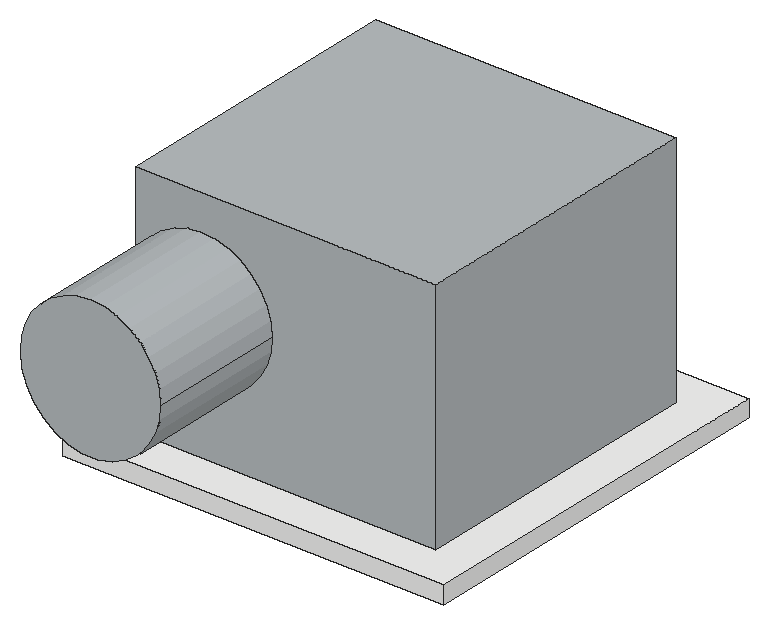
Revit family "vd-10_20z(b)(p)14_60Hz", category 機械設備, Revit 2019
Family settings
  丸型コネクタ寸法 = 直径を使用
  パーツ タイプ = 標準
  OmniClass 番号 = 23.75.35.17.27
  OmniClass タイトル = Centrifugal Fans
  作業面ベース = いいえ
  常に垂直 = はい
  ロード時にボイドで切り取り = いいえ
  共有 = いいえ
  部屋計算ポイント = はい
Parameters (values of type "VD-20ZB14")
  騒音レベル(dB(A)) [instance] = 35.5
  風量 [instance] = 400.0 m³/h
  電源種別 [instance] = ""
  電圧 = 100 V
  電動機出力 = 0 W
  電動機_種別 [instance] = ""
  運転質量 = 0.00 kg
  連動 [instance] = ""
  質量 = if(製品質量 > 運転質量, 製品質量, 運転質量) * 1.2  # 6.24 kg
  負荷分類 = 3_ファン類
  説明 = "ダクト用換気扇 低騒音形"
  設計風量 [instance] = 0.0 m³/h
  設置方法 = "天埋"
  記号 [instance] = ""
  製造元 = "三菱電機株式会社"
  製品質量 = 5.20 kg
  製品出荷対象 = "国内"
  製品リリース年月 = "2024年6月3日"
  製品グループ = ""
  系統 [instance] = ""
  符号 [instance] = if(☑給気／□排気, "FS", "FE")  # "FE"
  積算_科目 = "2 換気設備"
  積算_拾い区分 [instance] = ""
  相 = 1
  盤記号 [instance] = ""
  発停方法 [instance] = ""
  特殊仕様 [instance] = ""
  火災停止 [instance] = ""
  消費電力 = 49 W
  法定耐用年数 = "15"
  機外静圧 [instance] = 0.0 Pa
  極数 = 2
  材質 [instance] = ""
  操作・制御方式 = ""
  操作・制御スイッチ = ""
  排気量 [instance] = if(☑給気／□排気, 0.0 m³/h, 設計風量)  # 0.0 m³/h
  形式 = "天井埋込ダクト形"
  幹線記号 [instance] = ""
  対象室 [instance] = ""
  実風量 [instance] = 0.0 m³/h
  始動方式 [instance] = "直入"
  外気量 [instance] = if(☑給気／□排気, 設計風量, 0.0 m³/h)  # 0.0 m³/h
  呼称 = "天井扇"
  周波数 = 60 Hz
  参照している仕様書等のバージョン = ""
  分類コード = "50052503100030"
  分類グループ = ""
  価格 = 57900
  企業コード = "108420"
  付属品_防振装置 = ""
  付属品 [instance] = ""
  仕様書バージョン = "Version1.0"
  モデル = "VD-20ZB14"
  マテリアル = 鋼板
  ファンの種類 = ""
  ダクト径 = 150 mm
  コメント [instance] = ""
  Keynote = ""
  カバーマテリアル = 合成樹脂(白)
  ☑給気／□排気 [instance] = no
  Width = 307 mm
  W1 = 390 mm
  Version = ""
  Uniclass2015Version = "Systems v1.9"
  Uniclass2015Title = "Centrifugal fans"
  Uniclass2015Code = "Pr_65_67_29_12"
  URL = "https://www.mitsubishielectric.co.jp/ldg/wink/qr/002/333512/"
  SpecificationReference = ""
  SpecificationDescription = ""
  Revision = ""
  ProductInformation = ""
  OmniClassCode = "23-33 31 19 11 15"
  OAサイズ_D = 0 mm
  MIN風量 = 0.0 m³/h
  MIN静圧 = 0.0 Pa
  MID風量 = 0.0 m³/h
  MID静圧 = 0.0 Pa
  MAX風量 = 400.0 m³/h
  MAX静圧 = 0.0 Pa
  IfcTypeProduct = ""
  IfcProduct = ""
  IfcExportType = "PROPELLORAXIAL"
  IfcExportAs = "IfcFanType"
  Height = 243 mm
  H1 = 18 mm
  EAサイズ_D = 144 mm
  Duct_Height = 135 mm
  Duct_Depth = 142 mm
  Duct_Center = 86 mm
  Depth = 307 mm
  D1 = 390 mm
  Author = "三菱電機株式会社"
Types (6, lengths in mm): name | 騒音レベル(dB(A)) | 風量 | 質量 | 製品質量 | 消費電力 | 価格 | モデル | ダクト径 | Width | W1 | URL | MAX風量 | Height | H1 | EAサイズ_D | Duct_Height | Duct_Depth | Duct_Center | Depth | D1
  VD-10Z14 | 25.5 | 95.0 m³/h | 2.28 kg | 1.90 kg | 9.3 W | 23200 | "VD-10Z14" | 100 | 171 | 250 | "https://www.mitsubishielectric.co.jp/ldg/wink/qr/002/333551/" | 95.0 m³/h | 179 | 15 | 98 | 102 | 114 | 0 | 171 | 250
  VD-13Z14 | 29 | 130.0 m³/h | 2.64 kg | 2.20 kg | 15.5 W | 27100 | "VD-13Z14" | 100 | 195 | 286 | "https://www.mitsubishielectric.co.jp/ldg/wink/qr/002/333575/" | 130.0 m³/h | 189 | 15 | 98 | 102 | 114 | 56 | 195 | 286
  VD-15Z14 | 29 | 175.0 m³/h | 4.08 kg | 3.40 kg | 15.5 W | 28200 | "VD-15Z14" | 100 | 251 | 330 | "https://www.mitsubishielectric.co.jp/ldg/wink/qr/002/333600/" | 175.0 m³/h | 204 | 18 | 98 | 111 | 114 | 0 | 251 | 330
  VD-15ZP14 | 35 | 220.0 m³/h | 4.08 kg | 3.40 kg | 23 W | 32300 | "VD-15ZP14" | 100 | 251 | 330 | "https://www.mitsubishielectric.co.jp/ldg/wink/qr/002/333625/" | 220.0 m³/h | 204 | 18 | 98 | 111 | 114 | 0 | 251 | 330
  VD-18ZB14 | 29 | 310.0 m³/h | 6.00 kg | 5.00 kg | 29.5 W | 45800 | "VD-18ZB14" | 150 | 307 | 390 | "https://www.mitsubishielectric.co.jp/ldg/wink/qr/002/333644/" | 310.0 m³/h | 243 | 18 | 144 | 135 | 142 | 86 | 307 | 390
  VD-20ZB14 | 35.5 | 400.0 m³/h | 6.24 kg | 5.20 kg | 49 W | 57900 | "VD-20ZB14" | 150 | 307 | 390 | "https://www.mitsubishielectric.co.jp/ldg/wink/qr/002/333512/" | 400.0 m³/h | 243 | 18 | 144 | 135 | 142 | 86 | 307 | 390
Reference planes
  plane 1 "中心(正面/背面)": y = 0
  plane 2: z = 0
  plane 3 "中心(左/右)": x = 0
  plane 4: x = -195
  plane 5: x = 195
  plane 6: y = 195
  plane 7: y = -195
  plane 8: x = -153.5
  plane 9: x = 153.5
  plane 10: y = 153.5
  plane 11: y = -153.5
  plane 12: y = -295.5
  plane 13: z = 243
  plane 14: z = -18
  plane 15: z = 135
  plane 16: x = -86
Forms (mm)
  Extrusion 1, solid, material "鋼板" <- "マテリアル", detail levels fine
    sketch origin (0, 0, 0) x (1, 0, 0) y (0, 1, 0)
      loop
        line (-153.5, 153.5) -> (-153.5, -153.5) -> (153.5, -153.5) -> (153.5, 153.5) -> (-153.5, 153.5)
    from 0 to 243
  Extrusion 2, solid, material "合成樹脂(白)" <- "カバーマテリアル", detail levels fine
    sketch origin (0, 0, 0) x (1, 0, 0) y (0, 1, 0)
      loop
        line (-195, 195) -> (-195, -195) -> (195, -195) -> (195, 195) -> (-195, 195)
    from 0 to -18
  Extrusion 3, solid, material "鋼板" <- "マテリアル", detail levels fine
    sketch origin (0, 0, 0) x (1, 0, 0) y (0, 0, 1)
      loop
        circle (-86, 135) r 72
    from 153.5 to 295.5
Dimensions and locks
  equal spacing: plane 4, plane 3 "中心(左/右)", plane 5
  "W1": plane 4 to plane 5
  equal spacing: plane 6, plane 1 "中心(正面/背面)", plane 7
  "D1": plane 6 to plane 7
  equal spacing: plane 8, plane 3 "中心(左/右)", plane 9
  "Width": plane 8 to plane 9
  equal spacing: plane 10, plane 1 "中心(正面/背面)", plane 11
  "Depth": plane 10 to plane 11
  "Duct_Depth": plane 11 to plane 12
  "Height": plane 13 to plane 2
  "Duct_Height": plane 15 to plane 2
  "H1": plane 2 to plane 14
  "Duct_Center": plane 3 "中心(左/右)" to plane 16
  "EAサイズ_D": diameter of Extrusion 3 sketch curve
  aligned and locked: level to plane 2
  aligned and locked: plane 5 to Extrusion 2
  aligned and locked: plane 6 to Extrusion 2
  aligned and locked: Extrusion 2 to plane 4
  aligned and locked: Extrusion 2 to plane 7
  aligned and locked: plane 9 to Extrusion 1
  aligned and locked: Extrusion 1 to plane 11
  aligned and locked: Extrusion 1 to plane 8
  aligned and locked: plane 10 to Extrusion 1
  aligned and locked: plane 13 to Extrusion 1
  aligned and locked: Extrusion 2 to plane 14
  aligned and locked: level to Extrusion 2
  aligned and locked: Extrusion 1 to level
  aligned and locked: Extrusion 3 to plane 12
  aligned and locked: plane 11 to Extrusion 3
Automatic sketch dimensions
  Extrusion 1 sketch curve to plane 3 "中心(左/右)" = 153.5 mm
  plane 3 "中心(左/右)" to Extrusion 1 sketch curve = 153.5 mm
  Extrusion 2 sketch curve to plane 3 "中心(左/右)" = 195 mm
  plane 3 "中心(左/右)" to Extrusion 2 sketch curve = 195 mm
  plane 1 "中心(正面/背面)" to Extrusion 1 sketch curve = 153.5 mm
  Extrusion 1 sketch curve to plane 1 "中心(正面/背面)" = 153.5 mm
  plane 1 "中心(正面/背面)" to Extrusion 2 sketch curve = 195 mm
  Extrusion 2 sketch curve to plane 1 "中心(正面/背面)" = 195 mm
  Extrusion 3 sketch curve to plane 15 = 0 mm
  Extrusion 3 sketch curve to plane 16 = 0 mm
Nested families
  nested 1: "記号_天井換気扇_平面" at (0, 0, 0), type "記号_天井換気扇_平面", detail levels coarse+medium
Connectors
  hvac at (-86, -295.5, 135), driven by "ダクト径", driven by "風量", driven by "機外静圧"
    settings: on Extrusion 3, index 1, duct flow 400.0 m³/h, flow factor 0, pres drop 0.0 Pa, loss coef 0, conn angle 0.00°, conn width 304.8 mm, conn height 304.8 mm, conn diameter 150 mm, duct sys type 3, conn prof type 0, flow config 0, flow direction 2, loss method 4, conn ref index -1, conn util no, is conn primary yes, conn desc ""
  electrical at (0, 0, 243), driven by "極数", driven by "負荷分類", driven by "電圧", driven by "消費電力"
    settings: on Extrusion 1, index 2, voltage 100 V, apparent load 49 VA, apparent load phase1 0 VA, apparent load phase2 0 VA, apparent load phase3 0 VA, power factor 1, load classification "3_ファン類", number of poles 2, system type 30, power factor state 1, is connector primary yes, connector utility no, sub classification motor no, connector description ""
Definition of nested family "記号_天井換気扇_平面"
  Reference planes
    plane 1: y = 0
    plane 2: x = 0
  Lines and regions (mm)
    detail lines
      curve 1: line (-2.5, 2.5, 0) -> (2.5, 2.5, 0)
      curve 2: line (-2.5, -2.5, 0) -> (-2.5, 2.5, 0)
      curve 3: line (2.5, -2.5, 0) -> (-2.5, -2.5, 0)
      curve 4: line (2.5, 2.5, 0) -> (2.5, -2.5, 0)
      curve 5: circle (-1.04, -1.04, 0) r 1.46 normal (0, 0, 1)
      curve 6: circle (1.04, 1.04, 0) r 1.46 normal (0, 0, 1)
      curve 7: line (-3.125, 3.125, 0) -> (3.125, 3.125, 0)
      curve 8: line (-3.125, -3.125, 0) -> (-3.125, 3.125, 0)
      curve 9: line (3.125, -3.125, 0) -> (-3.125, -3.125, 0)
      curve 10: line (3.125, 3.125, 0) -> (3.125, -3.125, 0)
      curve 11: circle (1.295, 1.295, 0) r 1.83 normal (0, 0, 1)
      curve 12: circle (-1.295, -1.295, 0) r 1.83 normal (0, 0, 1)
      curve 13: line (-2, 2, 0) -> (2, 2, 0)
      curve 14: line (-2, -2, 0) -> (-2, 2, 0)
      curve 15: line (2, -2, 0) -> (-2, -2, 0)
      curve 16: line (2, 2, 0) -> (2, -2, 0)
      curve 17: circle (0.84, 0.84, 0) r 1.16 normal (0, 0, 1)
      curve 18: circle (-0.84, -0.84, 0) r 1.2 normal (0, 0, 1)
